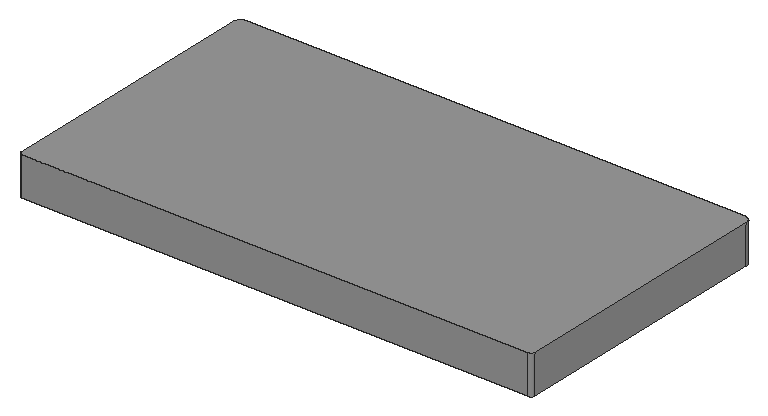
Revit family "Haworth_HC1Pedestal_Cushion_EU_PRELIMINARY", category Furniture Systems, Revit 2019
Family settings
  Round Connector Dimension = Use Diameter
  Part Type = Normal
  OmniClass Number = 23.40.70.14.64.21
  OmniClass Title = Systems Furniture
  Work Plane-Based = No
  Always vertical = Yes
  Cut with Voids When Loaded = No
  Shared = No
  Room Calculation Point = No
Parameters (values of type "43 x 80 x 6")
  Warranty = "http://www.haworth.com/resources/product-info/warranties"
  URL - Product = "https://www.haworth.com/eu/en/products/office-drawers/hc1.html"
  Thickness = if(Low, 4 cm, 6 cm)  # 6 cm
  Small = not(Large)  # no
  Model = "D9551XXX"  # constant formula
  Low = not(High)  # no
  Large = yes
  High = yes
  Description = "Haworth - HC1 Pedestal - Pedestal Cushion"  # constant formula
  URL = "https://www.haworth.com/eu/en.html"
  Size = "Verify Final Dim. w/ Haworth"  # constant formula
  Revision Number = "1"  # constant formula
  Mounting Offset [instance] = 40 cm
  Manufacturer = "Haworth"  # constant formula
  Cushion Finish [instance] = Haworth _ Fabric _ Undecided _ Seating _ Lounge
  Author = "Haworth (Abd Rahman)"  # constant formula
  Assembly Code = "E2020200"
  Actual Width = if(Small, 60 cm, 80 cm)  # 80 cm
  Actual Depth = 43 cm  # constant formula
Types (4, lengths in cm): name | Thickness | Small | Low | Large | High | Mounting Offset | Actual Width
  43 x 60 x 6 | 6 | yes | no | no | yes | 60.96 | 60
  43 x 80 x 6 | 6 | no | no | yes | yes | 40 | 80
  43 x 80 x 4 | 4 | no | yes | yes | no | 60.96 | 80
  43 x 60 x 4 | 4 | yes | yes | no | no | 60.96 | 60
Reference planes (cm)
  plane 1 "Storage Top Center F/B": y = 0
  plane 2: z = 0
  plane 3 "Storage Top Center L/R": x = 0
  plane 4 "Left": x = -40
  plane 5 "Back": y = 21.5
  plane 6 "Front": y = -21.5
  plane 7 "Right": x = 40
  plane 8 "Top": z = 46
  plane 9 "Bottom": z = 40
Forms (cm)
  Extrusion 1, solid, material "Haworth _ Fabric _ Undecided _ Seating _ Lounge" <- "Cushion Finish"
    sketch origin (-91.5403, -457.2, 40) x (-1, 0, 0) y (0, -1, 0)
      loop
        arc (-52.8103, -478.7) -> (-51.9123, -478.328) -> (-51.5403, -477.43) r 1.27
        line (-51.5403, -477.43) -> (-51.5403, -436.2913)
        arc (-51.5403, -436.2913) -> (-51.7135, -435.8732) -> (-52.1316, -435.7) r 0.5913
        line (-52.1316, -435.7) -> (-130.949, -435.7)
        arc (-130.949, -435.7) -> (-131.3671, -435.8732) -> (-131.5403, -436.2913) r 0.5913
        line (-131.5403, -436.2913) -> (-131.5403, -477.43)
        arc (-131.5403, -477.43) -> (-131.1683, -478.328) -> (-130.2703, -478.7) r 1.27
        line (-130.2703, -478.7) -> (-52.8103, -478.7)
    from 0 to 6
Lines and regions (cm)
  Masking region 1
    outline origin (0, 0, 46) x (-1, 0, 0) y (0, -1, 0)
      loop
        line (40, -20.23) -> (40, 20.23)
        arc (40, 20.23) -> (39.628, 21.128) -> (38.73, 21.5) r 1.27
        line (38.73, 21.5) -> (-38.73, 21.5)
        arc (-38.73, 21.5) -> (-39.628, 21.128) -> (-40, 20.23) r 1.27
        line (-40, 20.23) -> (-40, -20.23)
        arc (-40, -20.23) -> (-39.628, -21.128) -> (-38.73, -21.5) r 1.27
        line (-38.73, -21.5) -> (38.73, -21.5)
        arc (38.73, -21.5) -> (39.628, -21.128) -> (40, -20.23) r 1.27
Dimensions and locks (cm)
  equal spacing: plane 5 "Back", plane 1 "Storage Top Center F/B", plane 6 "Front"
  "Actual Depth": plane 5 "Back" to plane 6 "Front"
  equal spacing: plane 4 "Left", plane 3 "Storage Top Center L/R", plane 7 "Right"
  "Actual Width": plane 4 "Left" to plane 7 "Right"
  "Mounting Offset": plane 9 "Bottom" to level
  "Thickness": plane 8 "Top" to plane 9 "Bottom"
  aligned and locked: plane 5 "Back" to Extrusion 1 sketch curve
  aligned and locked: plane 7 "Right" to Extrusion 1 sketch curve
  aligned and locked: plane 6 "Front" to Extrusion 1 sketch curve
  aligned and locked: plane 4 "Left" to Extrusion 1 sketch curve
  aligned and locked: plane 8 "Top" to Extrusion 1
  aligned and locked: Extrusion 1 to plane 5 "Back"
  aligned and locked: Extrusion 1 to plane 9 "Bottom"
  aligned and locked: Masking region 1 to plane 6 "Front"
Automatic sketch dimensions
  plane 7 "Right" to Extrusion 1 sketch curve = 0.5913 cm
  plane 7 "Right" to Extrusion 1 sketch curve = 1.27 cm
  plane 4 "Left" to Extrusion 1 sketch curve = 0.5913 cm
  plane 4 "Left" to Extrusion 1 sketch curve = 1.27 cm
  plane 7 "Right" to Masking region 1 sketch curve = 1.27 cm  (x2)
  plane 4 "Left" to Masking region 1 sketch curve = 1.27 cm  (x2)
  Masking region 1 sketch curve to plane 7 "Right" = 0 cm
  Masking region 1 sketch curve to plane 4 "Left" = 0 cm
  plane 5 "Back" to Masking region 1 sketch curve = 0 cm
  plane 6 "Front" to Masking region 1 sketch curve = 1.27 cm
